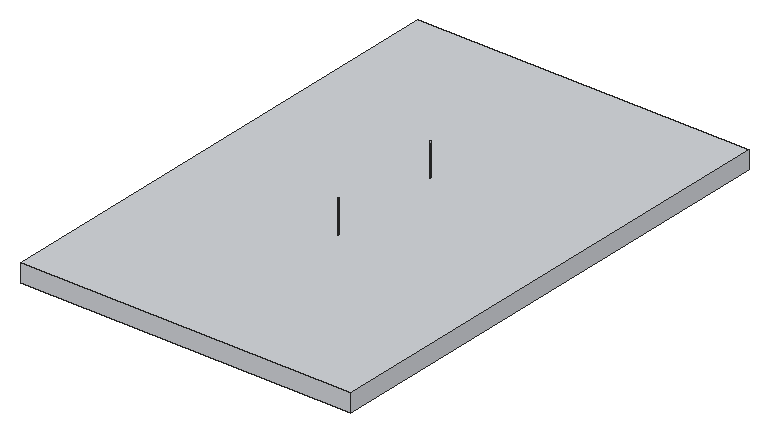
Revit family "V-LENSESxx100xxSIxx", category Leuchten, Revit 2020
Family settings
  Basisbauteil = Fläche
  Bemaßung runder Anschluss = Durchmesser verwenden
  Teiletyp = Normal
  OmniClass-Nummer = 23.80.70.11
  OmniClass-Titel = Luminaries for Internal Lighting
  Beim Laden mit Abzugskörper schneiden = Nein
  Lichtquelle = Ja
  Gemeinsam genutzt = Nein
  Raumberechnungspunkt = Nein
Parameters (values of type "V-LENSES-DI100-7DASI840B0450")
  width = 113 mm  # constant formula
  weight = "2,3"
  voltage type (AC, DC, UC) = "AC"
  suspension hight [instance] = 200 mm
  rated input power = 27
  product name = "V-LENSES-DI100-7DASI840B0450"
  nominal voltage = "230"
  nominal frequency = "50-60Hz"
  length = 1000 mm  # constant formula
  ingress protection (IP) code = "IP20"
  height = 83 mm  # constant formula
  electrical safety class = "1"
  control gear = ""
  conformity mark = "CE"  # constant formula
  brand = "RIDI"
  approval mark = ""
  built-in parameter 1150104 = 13.8 (stored number, unit not read)
  Wattage = 28.948 W
  Von Breite des Rechtecks ausssenden = 766 mm  # constant formula
  Von Länge des Rechtecks aussenden = 111 mm  # constant formula
  Default Elevation = 0 mm
  built-in parameter 1150113 = 1 (stored number, unit not read)
  built-in parameter 1114218 = 1 (stored number, unit not read)
  URL = "www.ridi.de"
  built-in parameter 1150134 = 12
  built-in parameter 1150109 = 1 (stored number, unit not read)
  built-in parameter 1150110 = 1 (stored number, unit not read)
  Apparent Load = 27 VA
  Tilt Angle = 90.00°
  Modell = "1532574SI"
  built-in parameter 1114217 = 1 (stored number, unit not read)
  built-in parameter 1150139 = (empty or 0)
  built-in parameter 1150105 = 1688 (stored number, unit not read)
  built-in parameter 1150114 = 1 (stored number, unit not read)
  Lumens = 4300 lm
  built-in parameter 1150115 = 1 (stored number, unit not read)
  built-in parameter 1150112 = 1 (stored number, unit not read)
  Lampe = "LED"
  Hersteller = "RIDI Leuchten GmbH"  # constant formula
  Dimming Lamp Color Temperature Shift = (empty or 0)
  Color Filter = 16777215
  built-in parameter 1150133 = 10 (stored number, unit not read)
  Emit Shape Visible in Rendering = no
  built-in parameter 1150137 = (empty or 0)
  built-in parameter 1150132 = 2
  Datei für fotometrisches Netz = "V-LENSES-DI.IES"
  Copyright = "© RIDI. All rights reserved."  # constant formula
  built-in parameter 1150106 = 16.88 (stored number, unit not read)
  Baugruppenkennzeichen = "D5020200"
  built-in parameter 1150107 = 4000 (stored number, unit not read)
  built-in parameter 1150102 = (empty or 0)
  built-in parameter 1150138 = (empty or 0)
Reference planes
  plane 1 "Mitte (Vorne/hinten)": y = 0
  plane 2: z = 0
  plane 3 "Mitte (Links/rechts)": x = 0
  plane 4: z = 200
Forms (mm)
  Extrusion 1, solid
    sketch origin (219.2, 280.8, 0) x (1, 0, 0) y (0, 1, 0)
      loop
        line (-1219.2, 1219.2) -> (-1219.2, -1780.8) -> (780.8, -1780.8) -> (780.8, 1219.2) -> (-1219.2, 1219.2)
    from 0 to -107.307
  Extrusion 2, solid
    sketch origin (0, 0, 0) x (1, 0, 0) y (0, 1, 0)
      loop
        circle (0, -350) r 2
      loop
        circle (0, 350) r 2
    from 0 to 200.369
Dimensions and locks
  "suspension hight": plane 4 to Extrusion 1
  locked: plane 1 "Mitte (Vorne/hinten)" to Extrusion 2 sketch curve at 350
  locked: Extrusion 2 sketch curve to plane 1 "Mitte (Vorne/hinten)" at 350
  locked: imposter light to plane 4 at 82.185
  aligned and locked: plane 2 to Extrusion 1
  aligned and locked: imposter light to plane 3 "Mitte (Links/rechts)"
  aligned and locked: import instance to Extrusion 2
  aligned and locked: import instance to plane 4
Automatic sketch dimensions
  Extrusion 1 sketch curve to Extrusion 1 sketch curve = 2000 mm
  Extrusion 1 sketch curve to Extrusion 1 sketch curve = 3000 mm
  Extrusion 2 sketch curve to plane 3 "Mitte (Links/rechts)" = 0 mm  (x2)
  radius of Extrusion 2 sketch curve = 2 mm  (x2)
Connectors
  electrical at (0, -350, 200.369), driven by "Apparent Load"
    settings: on Extrusion 2, index 1, voltage 230 V, apparent load 0 VA, apparent load phase1 27 VA, apparent load phase2 0 VA, apparent load phase3 0 VA, power factor 1, load classification "Lighting", number of poles 1, system type 31, power factor state 1, is connector primary yes, connector utility no, sub classification motor no, connector description ""
